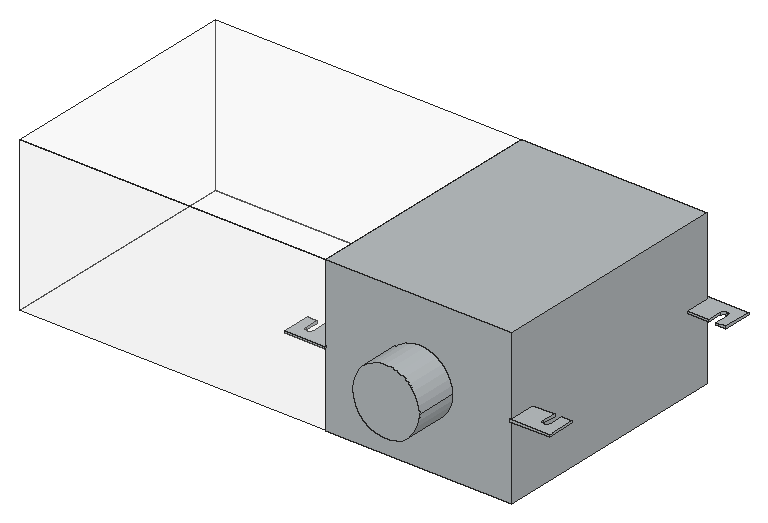
Revit family "bfs-15_240sug2_tug2_tua2_50Hz", category 機械設備, Revit 2019
Family settings
  丸型コネクタ寸法 = 直径を使用
  パーツ タイプ = 割り込み
  OmniClass 番号 = 23.75.35.17.27
  OmniClass タイトル = Centrifugal Fans
  作業面ベース = いいえ
  常に垂直 = はい
  ロード時にボイドで切り取り = いいえ
  共有 = いいえ
  部屋計算ポイント = はい
Parameters (values of type "BFS-15SUG2")
  騒音レベル(dB(A))_吸込 = 20.5
  騒音レベル(dB(A))_吐出 = 32
  騒音レベル(dB(A))_側面 = 17.5
  騒音レベル(dB(A)) = 32
  風量 [instance] = 設計風量  # 0.0 m³/h
  電源種別 [instance] = "一般"
  電圧 = 100 V
  電動機出力 = 8 W
  電動機_種別 [instance] = ""
  運転質量 = 0.00 kg
  連動 [instance] = ""
  質量 = if(製品質量 > 運転質量, 製品質量, 運転質量) * 1.2  # 8.40 kg
  負荷分類 = 3_ファン類
  説明 = "ストレートシロッコファン天吊埋込タイプ（消音形）"
  設計風量 [instance] = 0.0 m³/h
  設置方法 = "天吊"
  記号 [instance] = ""
  製造元 = "三菱電機株式会社"
  製品質量 = 7.00 kg
  製品出荷対象 = "国内"
  製品リリース年月 = "2022年6月1日"
  製品グループ = ""
  系統 [instance] = ""
  符号 [instance] = if(☑給気／□排気, "FS", "FE")  # "FE"
  積算_科目 = "2 換気設備"
  積算_拾い区分 [instance] = ""
  相 = 1
  盤記号 [instance] = ""
  盤工事区分 = "電気工事"
  発停方法 [instance] = "別売スイッチ"
  番手 = "#1"
  特殊仕様 [instance] = ""
  火災停止 = ""
  消費電力 = 20.5 W
  法定耐用年数 = "15"
  機外静圧 [instance] = 0.0 Pa
  極数 = 2
  極 = 4
  材質 [instance] = ""
  本体マテリアル = 溶融亜鉛めっき鋼板
  操作・制御方式 = ""
  操作・制御スイッチ = ""
  排気量 [instance] = if(☑給気／□排気, 0.0 m³/h, 設計風量)  # 0.0 m³/h
  形式 = ""
  形名 = BFS-SUG : BFS-15SUG
  幹線記号 [instance] = ""
  対象室 [instance] = ""
  実風量 = 0.0 m³/h
  始動方式 [instance] = "直入"
  外気量 [instance] = if(☑給気／□排気, 設計風量, 0.0 m³/h)  # 0.0 m³/h
  呼称 = "消音ボックス付送風機"
  周波数 = 50 Hz
  天吊金具ピッチ幅 = 349 mm
  天吊金具ピッチ奥行 = 325 mm
  参照している仕様書等のバージョン = "公共建築工事標準仕様書（機械設備工事編）平成31年度版"
  分類コード = "50052502100020"
  分類グループ = ""
  価格 = 59900
  企業コード = "108420"
  付属品_防振装置 = ""
  付属品 [instance] = ""
  仕様書バージョン = "Version1.0"
  モデル = "BFS-15SUG2"
  ファンの種類 = "多翼形"
  ダクト径 = 100 mm
  サービススペース = yes
  コメント [instance] = ""
  Keynote = ""
  ☑給気／□排気 [instance] = no
  Width = 273 mm
  Version = ""
  Uniclass2015Version = "Systems v1.9"
  Uniclass2015Title = "Centrifugal fans"
  Uniclass2015Code = "Pr_65_67_29_12"
  URL = "https://www.mitsubishielectric.co.jp/ldg/wink/ssl/displayProduct.do?pid=319025"
  SpecificationReference = ""
  SpecificationDescription = ""
  Revision = ""
  ProductInformation = ""
  OmniClassCode = "23-33 31 19 13 15"
  MIN風量 = 110.0 m³/h
  MIN静圧 = 20.0 Pa
  MID風量 = 0.0 m³/h
  MID静圧 = 0.0 Pa
  MAX風量 = 150.0 m³/h
  MAX静圧 = 39.0 Pa
  M = 60 mm
  IfcTypeProduct = ""
  IfcProduct = ""
  IfcExportType = "CENTRIFUGALFORWARDCURVED"
  IfcExportAs = "IfcFanType"
  Height = 225 mm
  Depth = 360 mm
  Clearance Top = 0 mm  # constant formula
  Clearance Right = 0 mm  # constant formula
  Clearance Left = 450 mm  # constant formula
  Clearance Front = 0 mm  # constant formula
  Clearance Bottom = 0 mm  # constant formula
  Clearance Back = 0 mm  # constant formula
  Author = "三菱電機株式会社"
Types (18, lengths in mm): name | 騒音レベル(dB(A))_吸込 | 騒音レベル(dB(A))_吐出 | 騒音レベル(dB(A))_側面 | 騒音レベル(dB(A)) | 電圧 | 電動機出力 | 質量 | 製品質量 | 相 | 番手 | 消費電力 | 極数 | 形名 | 天吊金具ピッチ幅 | 天吊金具ピッチ奥行 | 価格 | モデル | ダクト径 | Width | URL | MIN風量 | MIN静圧 | MAX風量 | MAX静圧 | M | Height | Depth
  BFS-15SUG2 | 20.5 | 32 | 17.5 | 32 | 100 V | 8 W | 8.40 kg | 7.00 kg | 1 | "#1" | 20.5 W | 2 | BFS-SUG : BFS-15SUG | 349 | 325 | 59900 | "BFS-15SUG2" | 100 | 273 | "https://www.mitsubishielectric.co.jp/ldg/wink/ssl/displayProduct.do?pid=319025" | 110.0 m³/h | 20.0 Pa | 150.0 m³/h | 39.0 Pa | 60 | 225 | 360
  BFS-30SUG2 | 25.5 | 40 | 18.5 | 40 | 100 V | 16 W | 9.00 kg | 7.50 kg | 1 | "#1" | 38 W | 2 | BFS-SUG : BFS-30SUG | 349 | 393 | 83300 | "BFS-30SUG2" | 150 | 273 | "https://www.mitsubishielectric.co.jp/ldg/wink/ssl/displayProduct.do?pid=319098" | 204.0 m³/h | 18.0 Pa | 300.0 m³/h | 39.0 Pa | 70 | 225 | 428
  BFS-40SUG2 | 26 | 43 | 19.5 | 43 | 100 V | 25 W | 11.40 kg | 9.50 kg | 1 | "#1 1/4" | 57 W | 2 | BFS-SUG : BFS-40SUG | 381 | 419 | 99500 | "BFS-40SUG2" | 150 | 305 | "https://www.mitsubishielectric.co.jp/ldg/wink/ssl/displayProduct.do?pid=319105" | 289.0 m³/h | 31.0 Pa | 400.0 m³/h | 59.0 Pa | 70 | 255 | 454
  BFS-50SUG2 | 28.5 | 48 | 21.5 | 48 | 100 V | 45 W | 15.60 kg | 13.00 kg | 1 | "#1 1/4" | 74.5 W | 2 | BFS-SUG : BFS-50SUG | 451 | 538 | 140000 | "BFS-50SUG2" | 200 | 375 | "https://www.mitsubishielectric.co.jp/ldg/wink/ssl/displayProduct.do?pid=319112" | 425.0 m³/h | 80.0 Pa | 500.0 m³/h | 110.0 Pa | 85 | 255 | 573
  BFS-65SUG2 | 28 | 51 | 23 | 51 | 100 V | 65 W | 19.20 kg | 16.00 kg | 1 | "#1 1/4" | 106 W | 2 | BFS-SUG : BFS-65SUG | 499 | 603 | 148000 | "BFS-65SUG2" | 200 | 423 | "https://www.mitsubishielectric.co.jp/ldg/wink/ssl/displayProduct.do?pid=318893" | 534.0 m³/h | 79.0 Pa | 650.0 m³/h | 118.0 Pa | 85 | 305 | 638
  BFS-80SUG2 | 30.5 | 52 | 25 | 52 | 100 V | 80 W | 19.80 kg | 16.50 kg | 1 | "#1 1/4" | 136 W | 2 | BFS-SUG : BFS-80SUG | 499 | 603 | 156000 | "BFS-80SUG2" | 200 | 423 | "https://www.mitsubishielectric.co.jp/ldg/wink/ssl/displayProduct.do?pid=318462" | 638.0 m³/h | 70.0 Pa | 800.0 m³/h | 108.0 Pa | 85 | 305 | 638
  BFS-90SUG2 | 33 | 55 | 27 | 55 | 100 V | 110 W | 22.20 kg | 18.50 kg | 1 | "#1 1/2" | 161 W | 2 | BFS-SUG : BFS-90SUG | 519 | 603 | 164000 | "BFS-90SUG2" | 200 | 443 | "https://www.mitsubishielectric.co.jp/ldg/wink/ssl/displayProduct.do?pid=318810" | 745.0 m³/h | 94.0 Pa | 900.0 m³/h | 137.0 Pa | 85 | 305 | 638
  BFS-100SUG2 | 36 | 57 | 28.5 | 57 | 100 V | 160 W | 22.80 kg | 19.00 kg | 1 | "#1 1/2" | 198 W | 2 | BFS-SUG : BFS-100SUG | 519 | 603 | 176000 | "BFS-100SUG2" | 200 | 443 | "https://www.mitsubishielectric.co.jp/ldg/wink/ssl/displayProduct.do?pid=318848" | 925.0 m³/h | 135.0 Pa | 1000.0 m³/h | 157.0 Pa | 85 | 305 | 638
  BFS-120SUG2 | 40 | 58 | 31 | 58 | 100 V | 200 W | 26.40 kg | 22.00 kg | 1 | "#1 1/2" | 272 W | 2 | BFS-SUG : BFS-120SUG | 531 | 633 | 194000 | "BFS-120SUG2" | 250 | 455 | "https://www.mitsubishielectric.co.jp/ldg/wink/ssl/displayProduct.do?pid=318952" | 1065.0 m³/h | 166.0 Pa | 1200.0 m³/h | 210.0 Pa | 85 | 350 | 668
  BFS-150SUG2 | 41.5 | 61.5 | 32.5 | 61.5 | 100 V | 340 W | 28.80 kg | 24.00 kg | 1 | "#1 1/2" | 368 W | 2 | BFS-SUG : BFS-150SUG | 531 | 733 | 201000 | "BFS-150SUG2" | 250 | 455 | "https://www.mitsubishielectric.co.jp/ldg/wink/ssl/displayProduct.do?pid=318962" | 1300.0 m³/h | 150.0 Pa | 1500.0 m³/h | 200.0 Pa | 85 | 350 | 768
  BFS-80TUG2 | 31.5 | 52 | 25 | 52 | 200 V | 80 W | 21.60 kg | 18.00 kg | 3 | "#1 1/4" | 122 W | 3 | BFS-TUG : BFS-80TUG | 499 | 603 | 156000 | "BFS-80TUG2" | 200 | 423 | "https://www.mitsubishielectric.co.jp/ldg/wink/ssl/displayProduct.do?pid=318467" | 601.0 m³/h | 61.0 Pa | 800.0 m³/h | 108.0 Pa | 85 | 305 | 638
  BFS-90TUG2 | 33.5 | 55 | 27.5 | 55 | 200 V | 100 W | 21.60 kg | 18.00 kg | 3 | "#1 1/2" | 152 W | 3 | BFS-TUG : BFS-90TUG | 519 | 603 | 164000 | "BFS-90TUG2" | 200 | 443 | "https://www.mitsubishielectric.co.jp/ldg/wink/ssl/displayProduct.do?pid=318812" | 688.0 m³/h | 80.0 Pa | 900.0 m³/h | 137.0 Pa | 85 | 305 | 638
  BFS-100TUG2 | 36 | 57 | 28.5 | 57 | 200 V | 150 W | 22.20 kg | 18.50 kg | 3 | "#1 1/2" | 181 W | 3 | BFS-TUG : BFS-100TUG | 519 | 603 | 176000 | "BFS-100TUG2" | 200 | 443 | "https://www.mitsubishielectric.co.jp/ldg/wink/ssl/displayProduct.do?pid=318948" | 810.0 m³/h | 103.0 Pa | 1000.0 m³/h | 157.0 Pa | 85 | 305 | 638
  BFS-120TUG2 | 40 | 58 | 31 | 58 | 200 V | 180 W | 26.40 kg | 22.00 kg | 3 | "#1 1/2" | 255 W | 3 | BFS-TUG : BFS-120TUG | 531 | 633 | 194000 | "BFS-120TUG2" | 250 | 455 | "https://www.mitsubishielectric.co.jp/ldg/wink/ssl/displayProduct.do?pid=318956" | 895.0 m³/h | 119.0 Pa | 1200.0 m³/h | 210.0 Pa | 85 | 350 | 668
  BFS-150TUG2 | 41.5 | 61.5 | 32.5 | 61.5 | 200 V | 280 W | 28.80 kg | 24.00 kg | 3 | "#1 1/2" | 372 W | 3 | BFS-TUG : BFS-150TUG | 531 | 733 | 201000 | "BFS-150TUG2" | 250 | 455 | "https://www.mitsubishielectric.co.jp/ldg/wink/ssl/displayProduct.do?pid=318968" | 1165.0 m³/h | 120.0 Pa | 1500.0 m³/h | 200.0 Pa | 85 | 350 | 768
  BFS-180TUG2 | 42.5 | 63.5 | 33 | 63.5 | 200 V | 350 W | 31.20 kg | 26.00 kg | 3 | "#1 1/2" | 425 W | 3 | BFS-TUG : BFS-180TUG | 581 | 733 | 236000 | "BFS-180TUG2" | 250 | 505 | "https://www.mitsubishielectric.co.jp/ldg/wink/ssl/displayProduct.do?pid=319029" | 0.0 m³/h | 0.0 Pa | 1800.0 m³/h | 190.0 Pa | 85 | 350 | 768
  BFS-210TUG2 | 44.5 | 66 | 33.5 | 66 | 200 V | 490 W | 34.80 kg | 29.00 kg | 3 | "#1 1/2" | 540 W | 3 | BFS-TUG : BFS-210TUG | 627 | 843 | 310000 | "BFS-210TUG2" | 300 | 551 | "https://www.mitsubishielectric.co.jp/ldg/wink/ssl/displayProduct.do?pid=319085" | 0.0 m³/h | 0.0 Pa | 2100.0 m³/h | 191.0 Pa | 100 | 350 | 878
  BFS-240TUA2 | 47 | 69 | 42 | 69 | 200 V | 1100 W | 44.40 kg | 37.00 kg | 3 | "#1 1/2" | 600 W | 3 | BFS-TUG : BFS-240TUA | 602 | 864 | 304000 | "BFS-240TUA2" | 300 | 493 | "https://www.mitsubishielectric.co.jp/ldg/wink/ssl/displayProduct.do?pid=319088" | 0.0 m³/h | 0.0 Pa | 2400.0 m³/h | 180.0 Pa | 99 | 373 | 917
Reference planes
  plane 1 "中心(正面/背面)": y = 0
  plane 2: z = 0
  plane 3 "中心(左/右)": x = 0
  plane 4 "左": x = -136.5
  plane 5 "右": x = 136.5
  plane 6 "背面": y = 180
  plane 7 "正面": y = -180
  plane 8: z = 112.5
  plane 9: y = 162.5
  plane 10: y = -162.5
  plane 11: x = 174.5
  plane 12: x = -174.5
  plane 13: z = -112.5
  plane 14: y = 180
  plane 15: y = -180
  plane 16: x = 136.5
  plane 17: x = -586.5
  plane 18: z = 112.5
  plane 19: z = -112.5
Lines and regions (mm)
  Masking region 1, detail levels coarse+medium
    outline origin (-295.341, -515.004, 0) x (1, 0, 0) y (0, 1, 0)
      loop
        line (158.841, 335.004) -> (431.841, 335.004) -> (431.841, 695.004) -> (158.841, 695.004) -> (158.841, 335.004)
  symbolic lines, detail levels coarse+medium
    curve 1: line (-136.5, 180, 0) -> (136.5, 0, 0)
    curve 2: line (136.5, 0, 0) -> (-136.5, -180, 0)
Dimensions and locks
  "Width": plane 4 "左" to plane 5 "右"
  equal spacing: plane 7 "正面", plane 1 "中心(正面/背面)", plane 6 "背面"
  "Depth": plane 7 "正面" to plane 6 "背面"
  equal spacing: plane 8, level, plane 13
  "Height": plane 8 to plane 13
  equal spacing: plane 10, plane 1 "中心(正面/背面)", plane 9
  "天吊金具ピッチ奥行": plane 10 to plane 9
  "天吊金具ピッチ幅": plane 12 to plane 11
  "Clearance Front": plane 15 to plane 7 "正面"
  "Clearance Back": plane 6 "背面" to plane 14
  "Clearance Left": plane 17 to plane 4 "左"
  "Clearance Right": plane 5 "右" to plane 16
  "Clearance Top": plane 18 to plane 8
  "Clearance Bottom": plane 13 to plane 19
  equal spacing: plane 4 "左", plane 3 "中心(左/右)", plane 5 "右"
  equal spacing: plane 12, plane 3 "中心(左/右)", plane 11
  aligned and locked: level to plane 2
  aligned and locked: nested 1 to plane 9
  aligned and locked: plane 10 to nested 1
  aligned and locked: plane 12 to nested 1
  aligned and locked: plane 11 to nested 1
  aligned and locked: plane 8 to nested 2
  aligned and locked: plane 17 to nested 3
  aligned and locked: plane 15 to nested 3
  aligned and locked: plane 18 to nested 3
  aligned and locked: plane 19 to nested 3
  aligned and locked: plane 1 "中心(正面/背面)" to nested 2
  aligned and locked: nested 2 to plane 3 "中心(左/右)"
  aligned and locked: plane 14 to nested 3
  aligned and locked: plane 4 "左" to nested 3
  aligned and locked: plane 5 "右" to Masking region 1
  aligned and locked: Masking region 1 to plane 4 "左"
  aligned and locked: Masking region 1 to plane 6 "背面"
  aligned and locked: plane 7 "正面" to Masking region 1
Automatic sketch dimensions
  Masking region 1 sketch curve to plane 6 "背面" = 0 mm
  plane 12 to Masking region 1 sketch curve = 38 mm
  Masking region 1 sketch curve to plane 5 "右" = 0 mm
  plane 7 "正面" to Masking region 1 sketch curve = 0 mm
  curve 2 to plane 4 "左" = 0 mm
  curve 1 to plane 4 "左" = 0 mm
  plane 1 "中心(正面/背面)" to curve 2 = 0 mm
  curve 1 to plane 5 "右" = 0 mm
  plane 7 "正面" to curve 2 = 0 mm
  plane 6 "背面" to curve 1 = 0 mm
Nested families
  nested 1: "固定点" at (-174.5, -162.5, 0), type "固定点"
    with W 349 mm, D 325 mm
  nested 2: "BFS-SUG" at (0, 0, -112.5) x (0, -1, 0) z (0, 0, 1), type <- "形名", type "BFS-15SUG"
  nested 3: "サービススペース" at (-361.5, 0, 0), visible <- "サービススペース", type "サービススペース"
    with Width 450 mm, Height 225 mm, Depth 360 mm
Connectors
  hvac at (0, 240, 0), driven by "ダクト径", driven by "機外静圧", driven by "風量"
    settings: on nested 2, index 2, duct flow 0.0 m³/h, flow factor 0, pres drop 0.0 Pa, loss coef 0, conn angle 0.00°, conn width 304.8 mm, conn height 304.8 mm, conn diameter 100 mm, duct sys type 29, conn prof type 0, flow config 0, flow direction 1, loss method 4, conn ref index -1, conn util no, is conn primary yes, conn desc ""
  hvac at (0, -240, 0), driven by "ダクト径", driven by "機外静圧", driven by "風量"
    settings: on nested 2, index 4, duct flow 0.0 m³/h, flow factor 0, pres drop 0.0 Pa, loss coef 0, conn angle 0.00°, conn width 304.8 mm, conn height 304.8 mm, conn diameter 100 mm, duct sys type 29, conn prof type 0, flow config 0, flow direction 2, loss method 4, conn ref index -1, conn util no, is conn primary no, conn desc ""
  electrical at (-157.1, -60.35, -20.1), driven by "極数", driven by "負荷分類", driven by "電圧", driven by "消費電力"
    settings: on nested 2, index 5, voltage 100 V, apparent load 20.5 VA, apparent load phase1 0 VA, apparent load phase2 0 VA, apparent load phase3 0 VA, power factor 1, load classification "3_ファン類", number of poles 2, system type 30, power factor state 1, is connector primary yes, connector utility no, sub classification motor no, connector description ""
Definition of nested family "BFS-SUG"
  Parameters (values of type "BFS-15SUG")
    端子カバー高 = 99 mm  # constant formula
    端子カバー手前位置 = 53.9 mm
    端子カバー幅 = 20.6 mm
    端子カバー奥行 = 131.5 mm  # constant formula
    端子カバー上位置 = 83.1 mm
    マテリアル = none
    φ = 98 mm
    Φ = 110 mm
    kb_z = 25 mm
    b = 234 mm
    a = 60 mm
    W = 360 mm
    H = 225 mm
    c = 42 mm
    D = 273 mm
  Types (10, lengths in mm): name | 端子カバー手前位置 | 端子カバー幅 | 端子カバー上位置 | φ | Φ | kb_z | b | a | W | H | c | D
    BFS-15SUG | 53.9 | 20.6 | 83.1 | 98 | 110 | 25 | 234 | 60 | 360 | 225 | 42 | 273
    BFS-30SUG | 53.9 | 20.6 | 83.1 | 142 | 160 | 25 | 234 | 70 | 428 | 225 | 42 | 273
    BFS-40SUG | 62.3 | 20.6 | 106.7 | 142 | 160 | 25 | 264 | 70 | 454 | 255 | 51 | 305
    BFS-50SUG | 62.3 | 20.6 | 106.7 | 192 | 208 | 25 | 264 | 85 | 573 | 255 | 51 | 375
    BFS-65SUG | 63.9 | 20.6 | 139.9 | 192 | 208 | 50 | 391 | 85 | 638 | 305 | 52 | 423
    BFS-80SUG | 63.9 | 20.6 | 139.9 | 192 | 208 | 50 | 391 | 85 | 638 | 305 | 52 | 423
    BFS-90SUG | 63.9 | 26 | 139.9 | 192 | 208 | 50 | 391 | 85 | 638 | 305 | 52 | 443
    BFS-100SUG | 63.9 | 26 | 139.9 | 192 | 208 | 50 | 391 | 85 | 638 | 305 | 52 | 443
    BFS-120SUG | 81.3 | 20.6 | 55 | 242 | 258 | 150 | 391 | 85 | 668 | 350 | 70 | 455
    BFS-150SUG | 81.3 | 20.6 | 54.9 | 242 | 258 | 150 | 391 | 85 | 768 | 350 | 70 | 455
  Reference planes
    plane 1 "中心(正面/背面)": y = 0
    plane 2: z = 0
    plane 3 "中心(左/右)": x = 0
    plane 4: y = 136.5
    plane 5: y = 174.5
    plane 6: y = 194.5
    plane 7: y = -136.5
    plane 8: y = -174.5
    plane 9: y = -194.5
    plane 10: x = -180
    plane 11: x = -162.5
    plane 12: x = -183
    plane 13: x = 180
    plane 14: x = 162.5
    plane 15: x = 183
    plane 16: z = 225
    plane 17: z = 600
    plane 18: z = 900
    plane 19: z = 1200
    plane 20: x = -107.9
    plane 21: x = 126.1
    plane 22: x = 240
    plane 23: x = -240
    plane 24: z = 112.5
    plane 25: z = 109.5
    plane 26: z = 71.5
    plane 27: x = -142
    plane 28: z = 94.5
    plane 29: x = 142
    plane 30: y = 139.5
    plane 31: x = -5.4
    plane 32: z = 141.9
    plane 33: z = 42.9
    plane 34: y = -157.1
  Forms (mm)
    Extrusion 1, solid, material <- "マテリアル", detail levels fine
      sketch origin (0, 0, 0) x (1, 0, 0) y (0, 1, 0)
        loop
          line (-180, 136.5) -> (-180, -136.5) -> (180, -136.5) -> (180, 136.5) -> (-180, 136.5)
      from 0 to 225
    Extrusion 2, solid, material <- "マテリアル", detail levels fine
      sketch origin (0, 0, 0) x (1, 0, 0) y (0, 1, 0)
        loop
          line (-183, -136.5) -> (-183, -194.5) -> (-142, -194.5) -> (-142, -180) -> (-162.5, -180)
          arc (-162.5, -180) -> (-168, -174.5) -> (-162.5, -169) r 5.5
          line (-162.5, -169) -> (-142, -169) -> (-142, -136.5) -> (-183, -136.5)
      from 109.5 to 112.5
    Extrusion 3, solid, material <- "マテリアル", detail levels fine
      sketch origin (0, 0, 0) x (1, 0, 0) y (0, 1, 0)
        loop
          line (-183, 136.5) -> (-142, 136.5) -> (-142, 169) -> (-162.5, 169)
          arc (-162.5, 169) -> (-168, 174.5) -> (-162.5, 180) r 5.5
          line (-162.5, 180) -> (-142, 180) -> (-142, 194.5) -> (-183, 194.5) -> (-183, 136.5)
      from 109.5 to 112.5
    Extrusion 4, solid, material <- "マテリアル", detail levels fine
      sketch origin (0, 0, 0) x (-1, 0, 0) y (0, -1, 0)
        loop
          line (-183, -136.5) -> (-183, -194.5) -> (-142, -194.5) -> (-142, -180) -> (-162.5, -180)
          arc (-162.5, -180) -> (-168, -174.5) -> (-162.5, -169) r 5.5
          line (-162.5, -169) -> (-142, -169) -> (-142, -136.5) -> (-183, -136.5)
      from 109.5 to 112.5
    Extrusion 5, solid, material <- "マテリアル", detail levels fine
      sketch origin (0, 0, 0) x (-1, 0, 0) y (0, -1, 0)
        loop
          line (-183, 136.5) -> (-142, 136.5) -> (-142, 169) -> (-162.5, 169)
          arc (-162.5, 169) -> (-168, 174.5) -> (-162.5, 180) r 5.5
          line (-162.5, 180) -> (-142, 180) -> (-142, 194.5) -> (-183, 194.5) -> (-183, 136.5)
      from 109.5 to 112.5
    Extrusion 6, solid, material <- "マテリアル", detail levels fine
      sketch origin (0, 0, 0) x (0, 1, 0) y (0, 0, 1)
        loop
          circle (0, 112.5) r 49
      from -180 to -240
    Extrusion 7, solid, material <- "マテリアル", detail levels fine
      sketch origin (0, 0, 0) x (0, 1, 0) y (0, 0, -1)
        loop
          circle (0, -112.5) r 49
      from -180 to -240
    Extrusion 8, solid, material <- "マテリアル", detail levels fine
      sketch origin (0, 0, 0) x (1, 0, 0) y (0, 0, 1)
        loop
          line (126.1, 141.9) -> (-5.4, 141.9) -> (-5.4, 42.9) -> (126.1, 42.9) -> (126.1, 141.9)
      from 136.5 to 157.1
  Dimensions and locks
    plane 12 to plane 15 = 366 mm
    plane 11 to plane 14 = 325 mm
    "W": plane 10 to plane 13
    plane 9 to plane 6 = 389 mm
    plane 8 to plane 5 = 349 mm
    "D": plane 7 to plane 4
    equal spacing: plane 7, plane 1 "中心(正面/背面)", plane 4
    equal spacing: plane 10, plane 3 "中心(左/右)", plane 13
    "H": plane 16 to level
    locked: plane 4 to plane 5 at 38
    locked: plane 5 to plane 6 at 20
    locked: plane 8 to plane 7 at 38
    locked: plane 9 to plane 8 at 20
    locked: plane 10 to plane 11 at 17.5
    locked: plane 14 to plane 13 at 17.5
    locked: plane 13 to plane 15 at 3
    locked: plane 12 to plane 10 at 3
    equal spacing: plane 16, plane 24, level
    locked: plane 24 to plane 25 at 3
    locked: plane 24 to plane 26 at 41
    locked: plane 12 to plane 27 at 41
    locked: plane 25 to plane 28 at 15
    locked: plane 29 to plane 15 at 41
    locked: plane 30 to plane 4 at 3
    "a": plane 23 to plane 10
    "a": plane 13 to plane 22
    "端子カバー手前位置": plane 13 to plane 21
    "b": plane 21 to plane 20
    "端子カバー高": plane 32 to plane 33
    "端子カバー幅": plane 34 to plane 7
    "端子カバー上位置": plane 16 to plane 32
    "端子カバー奥行": plane 21 to plane 31
    "φ": diameter of Extrusion 6 sketch curve
    "φ": diameter of Extrusion 7 sketch curve
    aligned and locked: level to plane 2
    aligned and locked: plane 4 to Extrusion 1 sketch curve
    aligned and locked: plane 10 to Extrusion 1 sketch curve
    aligned and locked: Extrusion 1 sketch curve to plane 7
    aligned and locked: Extrusion 1 sketch curve to plane 13
    aligned and locked: plane 16 to Extrusion 1
    aligned and locked: plane 7 to Extrusion 2 sketch curve
    aligned and locked: plane 12 to Extrusion 2 sketch curve
    aligned and locked: Extrusion 2 sketch curve to plane 9
    aligned and locked: Extrusion 2 sketch curve to plane 27  (x2)
    aligned and locked: plane 11 to Extrusion 2 sketch curve
    aligned and locked: plane 8 to Extrusion 2 sketch curve
    aligned and locked: plane 24 to Extrusion 2
    aligned and locked: Extrusion 2 to plane 25
    aligned and locked: plane 27 to Extrusion 3 sketch curve  (x2)
    aligned and locked: plane 5 to Extrusion 3 sketch curve
    aligned and locked: plane 11 to Extrusion 3 sketch curve
    aligned and locked: Extrusion 3 sketch curve to plane 6
    aligned and locked: Extrusion 3 sketch curve to plane 12
    aligned and locked: plane 4 to Extrusion 3 sketch curve
    aligned and locked: plane 24 to Extrusion 3
    aligned and locked: Extrusion 3 to plane 25
    aligned and locked: Extrusion 4 to plane 6
    aligned and locked: plane 15 to Extrusion 4
    aligned and locked: Extrusion 4 to plane 29
    aligned and locked: plane 29 to Extrusion 4 sketch curve  (x2)
    aligned and locked: plane 6 to Extrusion 4 sketch curve
    aligned and locked: Extrusion 4 sketch curve to plane 15
    aligned and locked: plane 5 to Extrusion 4 sketch curve
    aligned and locked: plane 14 to Extrusion 4 sketch curve
    aligned and locked: Extrusion 4 sketch curve to plane 4
    aligned and locked: Extrusion 4 to plane 25
    aligned and locked: plane 24 to Extrusion 4
    aligned and locked: plane 9 to Extrusion 5 sketch curve
    aligned and locked: plane 15 to Extrusion 5 sketch curve
    aligned and locked: Extrusion 5 sketch curve to plane 7
    aligned and locked: Extrusion 5 sketch curve to plane 29  (x2)
    aligned and locked: plane 14 to Extrusion 5 sketch curve
    aligned and locked: plane 8 to Extrusion 5 sketch curve
    aligned and locked: Extrusion 5 to plane 25
    aligned and locked: plane 24 to Extrusion 5
    aligned and locked: plane 1 "中心(正面/背面)" to Extrusion 6 sketch curve
    aligned and locked: plane 24 to Extrusion 6 sketch curve
    aligned and locked: Extrusion 6 to plane 23
    aligned and locked: plane 24 to Extrusion 7 sketch curve
    aligned and locked: plane 1 "中心(正面/背面)" to Extrusion 7 sketch curve
    aligned and locked: plane 22 to Extrusion 7
    aligned and locked: plane 32 to Extrusion 8 sketch curve
    aligned and locked: plane 21 to Extrusion 8 sketch curve
    aligned and locked: Extrusion 8 sketch curve to plane 33
    aligned and locked: Extrusion 8 sketch curve to plane 31
    aligned and locked: Extrusion 8 to plane 7
    aligned and locked: plane 10 to Extrusion 6
    aligned and locked: Extrusion 7 to plane 13
    aligned and locked: plane 34 to Extrusion 8
  Automatic sketch dimensions
    Extrusion 2 sketch curve to plane 11 = 0 mm
    plane 8 to Extrusion 2 sketch curve = 5.5 mm
    Extrusion 3 sketch curve to plane 11 = 0 mm
    plane 5 to Extrusion 3 sketch curve = 5.5 mm
    Extrusion 4 sketch curve to plane 14 = 0 mm
    Extrusion 4 sketch curve to plane 5 = 5.5 mm
    Extrusion 5 sketch curve to plane 14 = 0 mm
    Extrusion 5 sketch curve to plane 8 = 5.5 mm
Definition of nested family "サービススペース"
  Parameters (values of type "サービススペース")
    Width [instance] = 500 mm
    Height [instance] = 500 mm
    Depth [instance] = 500 mm
  Reference planes
    plane 1 "中心(正面/背面)": y = 0
    plane 2: z = 0
    plane 3 "中心(左/右)": x = 0
    plane 4: y = -250
    plane 5: x = 250
    plane 6: y = 250
    plane 7: x = -250
    plane 8: z = 250
    plane 9: z = -250
  Forms (mm)
    Extrusion 1, solid
      sketch origin (-638.939, 0, 72.39) x (1, 0, 0) y (0, 1, 0)
        loop
          line (388.939, 250) -> (388.939, -250) -> (888.939, -250) -> (888.939, 250) -> (388.939, 250)
      from -322.39 to 177.61
  Lines and regions (mm)
    symbolic lines
      curve 1: line (-250, 0, 250) -> (250, 0, 250)
      curve 2: line (-250, 0, -250) -> (-250, 0, 250)
      curve 3: line (250, 0, -250) -> (-250, 0, -250)
      curve 4: line (250, 0, 250) -> (250, 0, -250)
      curve 5: line (0, -250, 250) -> (0, 250, 250)
      curve 6: line (0, -250, -250) -> (0, -250, 250)
      curve 7: line (0, 250, -250) -> (0, -250, -250)
      curve 8: line (0, 250, 250) -> (0, 250, -250)
      curve 9: line (-250, 250, 0) -> (250, 250, 0)
      curve 10: line (-250, -250, 0) -> (-250, 250, 0)
      curve 11: line (250, -250, 0) -> (-250, -250, 0)
      curve 12: line (250, 250, 0) -> (250, -250, 0)
  Dimensions and locks
    equal spacing: plane 7, plane 3 "中心(左/右)", plane 5
    equal spacing: plane 4, plane 1 "中心(正面/背面)", plane 6
    "Depth": plane 4 to plane 6
    "Width": plane 7 to plane 5
    equal spacing: plane 8, plane 2, plane 9
    "Height": plane 8 to plane 9
    aligned and locked: plane 9 to curve 3
    aligned and locked: plane 7 to curve 2
    aligned and locked: curve 4 to plane 5
    aligned and locked: plane 5 to Extrusion 1
    aligned and locked: Extrusion 1 to plane 7
    aligned and locked: Extrusion 1 to plane 9
    aligned and locked: plane 8 to Extrusion 1
    aligned and locked: plane 9 to curve 7
  Automatic sketch dimensions
    plane 4 to Extrusion 1 sketch curve = 0 mm
    Extrusion 1 sketch curve to plane 7 = 0 mm
    Extrusion 1 sketch curve to plane 5 = 0 mm
    plane 6 to Extrusion 1 sketch curve = 0 mm
    curve 2 to plane 8 = 0 mm
    plane 4 to curve 11 = 0 mm
    curve 11 to plane 7 = 0 mm
    curve 11 to plane 5 = 0 mm
    plane 6 to curve 10 = 0 mm
    curve 7 to plane 4 = 0 mm
    curve 7 to plane 6 = 0 mm
    curve 6 to plane 8 = 0 mm
Definition of nested family "固定点"
  Parameters (values of type "固定点")
    中心円 = 11 mm
    W [instance] = 1000 mm
    D [instance] = 1000 mm
  Reference planes
    plane 1 "中心(正面/背面)": y = 0
    plane 2: z = 0
    plane 3 "中心(左/右)": x = 0
    plane 4: x = 1000
    plane 5: y = 1000
  Lines and regions (mm)
    symbolic lines, detail levels fine
      curve 1: circle (0, 1000, 0) r 5.5 normal (0, 0, 1)
      curve 2: circle (0, 0, 0) r 5.5 normal (0, 0, 1)
      curve 3: circle (1000, 1000, 0) r 5.5 normal (0, 0, 1)
      curve 4: circle (1000, 0, 0) r 5.5 normal (0, 0, 1)
      curve 5: line (-200, 1000, 0) -> (1200, 1000, 0)
      curve 6: line (-200, 0, 0) -> (1200, 0, 0)
      curve 7: line (0, 1200, 0) -> (0, -200, 0)
      curve 8: line (1000, 1200, 0) -> (1000, -200, 0)
  Dimensions and locks
    "W": plane 3 "中心(左/右)" to plane 4
    "D": plane 1 "中心(正面/背面)" to plane 5
    "中心円": diameter of curve 1
    "中心円": diameter of curve 2
    "中心円": diameter of curve 3
    "中心円": diameter of curve 4
    aligned and locked: level to plane 2
    aligned and locked: plane 5 to curve 1
    aligned and locked: plane 3 "中心(左/右)" to curve 1
    aligned and locked: plane 3 "中心(左/右)" to curve 2
    aligned and locked: plane 1 "中心(正面/背面)" to curve 2
    aligned and locked: plane 4 to curve 3
    aligned and locked: plane 5 to curve 3
    aligned and locked: plane 1 "中心(正面/背面)" to curve 4
    aligned and locked: plane 4 to curve 4
    aligned and locked: plane 1 "中心(正面/背面)" to curve 6
    aligned and locked: curve 7 to plane 3 "中心(左/右)"
    aligned and locked: curve 8 to plane 4
  Automatic sketch dimensions
    curve 5 to plane 5 = 0 mm
    curve 6 to plane 3 "中心(左/右)" = 200 mm
    curve 5 to plane 3 "中心(左/右)" = 200 mm
    curve 4 to curve 6 = 200 mm
    curve 3 to curve 5 = 200 mm
    plane 1 "中心(正面/背面)" to curve 8 = 200 mm
    plane 1 "中心(正面/背面)" to curve 7 = 200 mm
    curve 3 to curve 8 = 200 mm
    curve 1 to curve 7 = 200 mm
